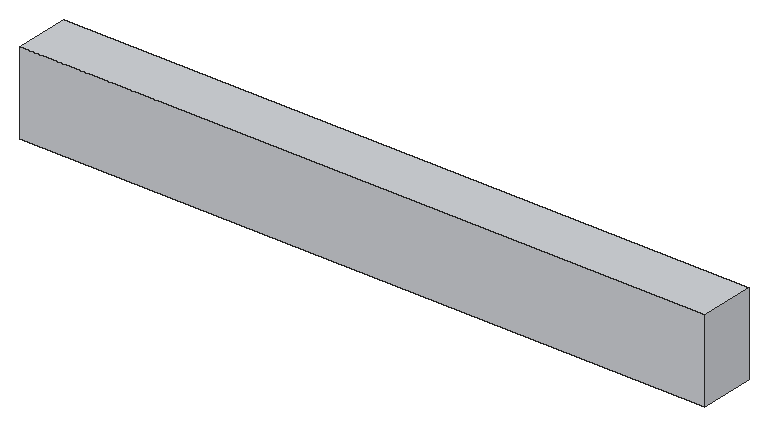
Revit family "TEST_Beam_ContactRail", category Каркас несущий, Revit 2019
Family settings
  Форма сечения = Не задано
  Материал для поведения модели = Прочее
  Всегда экспортировать в виде геометрии = Нет
  Номер OmniClass = 23.25.30.11.14.14
  Заголовок OmniClass = Beams
  Всегда вертикально = Да
  При загрузке вырезать с полостями = Нет
  Условное обозначение = Из семейства
  Общий = Нет
  Показывать семейство разрезанным на планах = Да
Parameters
  Length [instance] = 3000 mm
Reference planes
  plane 1 "По центру (Вперед/Назад)": y = 0
  plane 2 "Отметка центра": z = 0
  plane 3 "По центру (Влево/Вправо)": x = 0
  plane 4 "Слева": x = -1500
  plane 5 "Элемент слева": x = -1250
  plane 6 "Стикер слева": x = -1000
  plane 7 "Справа": x = 1500
  plane 8 "Элемент справа": x = 1250
  plane 9 "Стикер справа": x = 1000
  plane 10: y = 1561.779
  plane 11: y = 1361.779
  plane 12: z = 381.523
  plane 13: z = 81.523
Forms (mm)
  Extrusion 1, solid, detail levels medium+fine
    sketch origin (0, 0, 0) x (0, 1, 0) y (0, 0, 1)
      loop
        line (1561.779, 381.523) -> (1361.779, 381.523) -> (1361.779, 81.523) -> (1561.779, 81.523) -> (1561.779, 381.523)
    from -1250 to 1250
Lines and regions (mm)
  model lines, style "Стикеры с обозначениями", detail levels coarse
    curve 1: line (-1000, 0, 0) -> (1000, 0, 0)
Dimensions and locks
  equal spacing: plane 4 "Слева", plane 3 "По центру (Влево/Вправо)", plane 7 "Справа"
  "Length": plane 4 "Слева" to plane 7 "Справа"
  aligned and locked: plane 10 to Extrusion 1 sketch curve
  aligned and locked: plane 13 to Extrusion 1 sketch curve
  aligned and locked: Extrusion 1 sketch curve to plane 11
  aligned and locked: Extrusion 1 to plane 5 "Элемент слева"
  aligned and locked: plane 8 "Элемент справа" to Extrusion 1
  aligned and locked: plane 1 "По центру (Вперед/Назад)" to curve 1
  aligned and locked: plane 6 "Стикер слева" to curve 1
  aligned and locked: plane 9 "Стикер справа" to curve 1
  aligned and locked: level to plane 2 "Отметка центра"
Automatic sketch dimensions
  Extrusion 1 sketch curve to plane 12 = 0 mm
